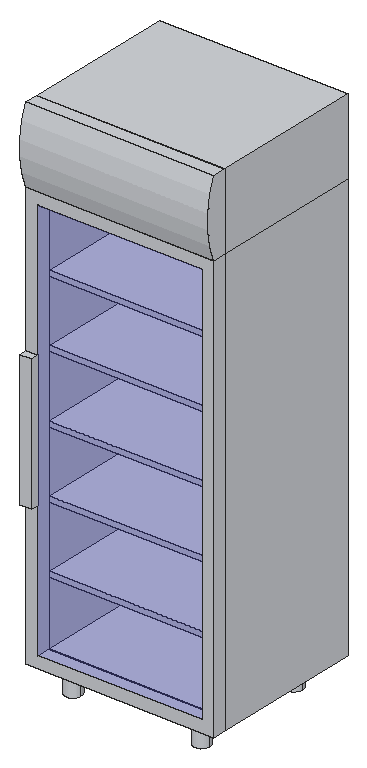
Revit family "Холодильные шкафы со стеклянными дверьми POLAIR Standard", category Оборудование, Revit 2020
Family settings
  Размер круглого соединителя = Использовать диаметр
  Классификация = Нет
  Тип детали = Нормальный
  На основе рабочей плоскости = Нет
  Всегда вертикально = Да
  При загрузке вырезать с полостями = Нет
  Общий = Нет
  Точка расчета площади = Нет
Parameters (values of type "DM105-S")
  Шкаф малый DP = no
  Шкаф малый 2 = no
  Ширина 2 = 600 mm
  Ширина = 697 mm
  Цена, руб. = "40 352"
  Холодильный шкаф = none
  Хладагент = "R134a"
  Условия окр. среды (темп./вл-сть,%) = "до +32/до 60"
  Тип охлаждения = "динамический"
  Тип оттайки = "автомат. с системой исп. конденсата"
  Терморегулятор = "эл.  блок"
  Система электропитания В/Гц = "230/50"
  Ручка 2.0 = no
  Ручка = yes
  Расход электроэнергии за сутки, кВт/ч = "4"
  Расположение агрегата = "верхнее"
  Размеры в упаковке, мм = "790х744х2125"
  Размер полки, мм = "595*455"
  Потребляемая мощность, Вт, не более = "350"
  Подсветка = "LED, вертикальная"
  Отметка по умолчанию = 0 mm
  Объем, л. = "500"
  Корпус = yes
  Кол-во полок = "4"
  Клапан Шредера = "+"
  Канапе с подсветкой = "LED"
  Замок = "опция"
  Допустимая нагрузка на полку, кг = "40"
  Диап. рабочих температур = "+1....+10"
  Дверь раздв. = no
  Глубина = 710 mm
  Габаритные размеры, мм = "697х710х1960"
  Высота = 1960 mm
  Вес нетто, кг = "105"
  Вес брутто, кг = "124"
  2 дверь S = no
  2 Корпус = no
  1 дверь S = yes
Types (18, lengths in mm): name | Шкаф малый DP | Шкаф малый 2 | Ширина 2 | Ширина | Цена, руб. | Хладагент | Условия окр. среды (темп./вл-сть,%) | Тип оттайки | Ручка 2.0 | Ручка | Расход электроэнергии за сутки, кВт/ч | Расположение агрегата | Размеры в упаковке, мм | Размер полки, мм | Потребляемая мощность, Вт, не более | Подсветка | Объем, л. | Корпус | Кол-во полок | Клапан Шредера | Канапе с подсветкой | Замок | Допустимая нагрузка на полку, кг | Диап. рабочих температур | Дверь раздв. | Глубина | Габаритные размеры, мм | Высота | Вес нетто, кг | Вес брутто, кг | 2 дверь S | 2 Корпус | 1 дверь S
  (no name) | no | no | 600 | 697 | "40 352" | "R134a" | "до +32/до 60" | "автомат. с системой исп. конденсата" | no | yes | "4" | "верхнее" | "790х744х2125" | "595*455" | "350" | "LED, вертикальная" | "500" | yes | "4" | "+" | "LED" | "опция" | "40" | "+1....+10" | no | 710 | "697х710х1960" | 1960 | "105" | "124" | no | no | yes
  DB105-S | no | no | 600 | 697 | "67 670" | "R404A" | "до +25/до 60" | "автомат. ТЭНами с системой исп. конденсата" | no | yes | "12,5" | "верхнее" | "744х790х2125" | "595*455" | "0,55 раб./0,40 отт." | "вертикальная" | "500" | yes | "4" | "" | "+" | "+" | "40" | "-21....-18" | no | 710 | "697х710х1960" | 1960 | "132" | "113" | no | no | yes
  DM110-S | no | no | 402 | 1402 | "64 708" | "R134a" | "до +32/до 60" | "автомат. с системой исп. конденсата" | no | yes | "7" | "верхнее" | "1490х744х2125" | "595*455" | "550" | "LED, вертикальная" | "1000" | yes | "8" | "+" | "LED" | "" | "40" | "+1....+10" | no | 710 | "1402х710х1960" | 1960 | "176" | "206" | yes | yes | yes
  DM110Sd-S | no | no | 402 | 1402 | "64 708" | "R134a" | "до +32/до 60" | "автомат. с системой исп. конденсата" | no | no | "7" | "верхнее" | "1490х744х2125" | "595*455" | "550" | "LED, вертикальная" | "1000" | yes | "8" | "+" | "LED" | "" | "40" | "+1....+10" | yes | 710 | "1402х710х1960" | 1960 | "176" | "206" | no | yes | no
  DP102-S | yes | no | 600 | 600 | "35 558" | "R404A" | "до +32/до 60" | "автомат., при помощи ТЭНов, с системой исп. конденсата" | no | no | "" | "нижнее" | "720х660х110" | "505*455" | "240" | "LED" | "150" | no | "2" | "+" | "" | "механический" | "" | "-8....0" | no | 625 | "600х625х890" | 890 | "58" | "65" | no | no | no
  DB102-S | no | yes | 600 | 600 | "47 770" | "R404A" | "до +25/до 60" | "автомат., при помощи ТЭНов, с системой исп. конденсата" | no | no | "" | "" | "725х795х1055" | "505*455" | "400" | "LED верхняя" | "130" | no | "2+ базовая" | "+" | "" | "+" | "40" | "-21....-18" | no | 675 | "600х675х870" | 870 | "65" | "80" | no | no | no
  DB107-S | no | no | 600 | 697 | "48 638" | "R404A" | "до +32/до 60" | "автомат. с системой исп. конденсата" | no | yes | "5,5" | "верхнее" | "790х988х2125" | "530*650" | "400" | "LED, вертикальная" | "700" | yes | "4" | "+" | "LED" | "опция" | "40" | "+1....+10" | no | 945 | "697х945х1960" | 1960 | "122" | "146" | no | no | yes
  DM105-S версия 2.0 | no | no | 600 | 697 | "44 900" | "R134a" | "до +25/до 60" | "автомат. с системой исп. конденсата" | yes | no | "2.7" | "верхнее" | "790х744х2125" | "595*455" | "350" | "LED, вертикальная" | "500" | yes | "5" | "+" | "" | "опция" | "50" | "+1....+10" | no | 710 | "697х710х1960" | 1960 | "105" | "124" | no | no | yes
  DM105-S | no | no | 600 | 697 | "40 352" | "R134a" | "до +32/до 60" | "автомат. с системой исп. конденсата" | no | yes | "4" | "верхнее" | "790х744х2125" | "595*455" | "350" | "LED, вертикальная" | "500" | yes | "4" | "+" | "LED" | "опция" | "40" | "+1....+10" | no | 710 | "697х710х1960" | 1960 | "105" | "124" | no | no | yes
  DM107-S | no | no | 600 | 697 | "48 638" | "R134a" | "до +32/до 60" | "автомат. с системой исп. конденсата" | no | yes | "5.5" | "верхнее" | "790х988х2125" | "530*650" | "400" | "LED, вертикальная" | "700" | yes | "4" | "+" | "LED" | "опция" | "40" | "+1....+10" | no | 945 | "697х945х1960" | 1960 | "122" | "146" | no | no | yes
  DM107-S версия 2.0 | no | no | 600 | 697 | "52 500" | "R134a" | "до +32/до 60" | "автомат. с системой исп. конденсата" | yes | no | "3" | "верхнее" | "790х988х2125" | "530*650" | "400" | "LED, вертикальная" | "700" | yes | "4" | "+" | "LED" | "опция" | "40" | "+1....+10" | no | 945 | "697х945х1960" | 1960 | "122" | "146" | no | no | yes
  DM114-S | no | no | 402 | 1402 | "71 062" | "R134a" | "до +32/до 60" | "автомат. с системой исп. конденсата" | no | yes | "8" | "верхнее" | "1490х988х2125" | "595*455" | "600" | "LED, вертикальная" | "1400" | yes | "8" | "+" | "LED" | "" | "40" | "+1....+10" | no | 945 | "1402х945х1960" | 1960 | "205" | "235" | yes | yes | yes
  DM110Sd-S Версия 2.0 | no | no | 402 | 1402 | "72 270" | "R134a" | "до +32/до 60" | "автомат. с системой исп. конденсата" | no | no | "7" | "верхнее" | "1490х744х2125" | "645*455" | "550" | "LED, вертикальная" | "1000" | yes | "10" | "+" | "LED" | "" | "40" | "+1....+10" | yes | 710 | "1402х710х1960" | 1960 | "176" | "206" | no | yes | no
  DM114Sd-S | no | no | 402 | 1402 | "71 062" | "R134a" | "до +32/до 60" | "автомат. с системой исп. конденсата" | no | no | "8" | "верхнее" | "1490х988х2125" | "595*455" | "600" | "LED, вертикальная" | "1400" | yes | "4" | "+" | "LED" | "" | "40" | "+1....+10" | yes | 945 | "1402х945х1960" | 1960 | "205" | "235" | no | yes | no
  DM114Sd-S Версия 2.0 | no | no | 402 | 1402 | "78 287" | "R134a" | "до +32/до 60" | "автомат. с системой исп. конденсата" | no | no | "8" | "верхнее" | "1490х988х2125" | "595*455" | "600" | "LED, вертикальная" | "1400" | yes | "10" | "+" | "LED" | "" | "40" | "+1....+10" | yes | 945 | "1402х945х1960" | 1960 | "205" | "235" | no | yes | no
  DP105-S | no | no | 600 | 697 | "52 520" | "R404A" | "до +32/до 60" | "автомат., при помощит ТЭНов, с системой исп. конденсата" | no | yes | "10" | "верхнее" | "790х744х2125" | "595*455" | "550" | "LED, вертикальная" | "500" | yes | "4" | "+" | "LED" | "+" | "40" | "-8....0" | no | 710 | "697х710х1960" | 1960 | "105" | "124" | no | no | yes
  DP107-S | no | no | 600 | 697 | "56 600" | "R404A" | "до +32/до 60" | "автомат., при помощит ТЭНов, с системой исп. конденсата" | no | yes | "10" | "верхнее" | "790х988х2125" | "595*455" | "550" | "LED, вертикальная" | "700" | yes | "4" | "+" | "LED" | "+" | "40" | "-8....0" | no | 945 | "697х945х1960" | 1960 | "123" | "148" | no | no | yes
  DV110-S | no | no | 402 | 1402 | "72 000" | "R134a" | "до +32/до 60" | "автомат., при помощи ТЭНов, с системой исп. конденсата" | no | yes | "7" | "верхнее" | "1490х744х2125" | "595*455" | "550" | "LED, вертикальная" | "1000" | yes | "8" | "+" | "LED" | "" | "40" | "-5....+5" | no | 710 | "1402х710х1960" | 1960 | "176" | "206" | yes | yes | yes
Reference planes
  plane 1 "По центру (Вперед/Назад)": y = 0
  plane 2: z = 0
  plane 3 "По центру (Влево/Вправо)": x = 0
  plane 4: x = -348.5
  plane 5: x = 348.5
  plane 6: y = -710
  plane 7: y = -90
  plane 8: y = -659
  plane 9: x = -305.5
  plane 10: x = 305.5
  plane 11: y = -133
  plane 12: z = 1960
  plane 13: z = 1678
  plane 14: z = 92
  plane 15: z = 1635
  plane 16: z = 135
  plane 17: z = 1385
  plane 18: z = 885
  plane 19: z = 1135
  plane 20: z = 635
  plane 21: z = 385
  plane 22: y = -740
  plane 23: x = -348.5
  plane 24: x = -305.5
  plane 25: z = 635
  plane 26: z = 1135
  plane 27: z = 878
  plane 28: x = 201
  plane 29: x = -238.5
  plane 30: y = -630
  plane 31: y = -200
  plane 32: x = 238.5
  plane 33: x = 305.5
  plane 34: x = 348.5
  plane 35: x = -661.966
  plane 36: x = -4
  plane 37: x = -148.5
  plane 38: x = 1053.5
  plane 39: x = -399.5
  plane 40: x = -1010.5
  plane 41: x = -300
  plane 42: x = 300
  plane 43: x = -257
  plane 44: x = 257
  plane 45: z = 1905.5
  plane 46: z = 44.5
  plane 47: z = 1285.167
  plane 48: z = 664.833
  plane 49: z = 92
  plane 50: z = 1862.5
  plane 51: z = 1020.5
  plane 52: z = 15.5
  plane 53: y = -45
  plane 54: z = 135.5
  plane 55: z = 178.5
  plane 56: x = -1053.5
  plane 57: x = -993.5
  plane 58: x = -372.5
  plane 59: x = -332.5
  plane 60: x = 288.5
  plane 61: x = 348.5
Forms (mm)
  Extrusion 1, solid, material <- "Холодильный шкаф", visible <- "Корпус"
    sketch origin (0, 0, 0) x (1, 0, 0) y (0, 0, 1)
      loop
        line (-348.5, 1678) -> (-348.5, 92) -> (348.5, 92) -> (348.5, 1678) -> (-348.5, 1678)
    from 90 to 659
  Extrusion 2, void
    sketch origin (0, 0, 0) x (1, 0, 0) y (0, 0, 1)
      loop
        line (-305.5, 1635) -> (-305.5, 135) -> (305.5, 135) -> (305.5, 1635) -> (-305.5, 1635)
    from 133 to 659
  Extrusion 3, solid, visible <- "1 дверь S"
    sketch origin (0, 0, 0) x (1, 0, 0) y (0, 0, 1)
      loop
        line (-348.5, 1678) -> (-348.5, 92) -> (348.5, 92) -> (348.5, 1678) -> (-348.5, 1678)
      loop
        line (-305.5, 1635) -> (-305.5, 135) -> (305.5, 135) -> (305.5, 1635) -> (-305.5, 1635)
    from 659 to 710
  Extrusion 4, solid, material "Стекло", visible <- "1 дверь S"
    sketch origin (0, 0, 0) x (1, 0, 0) y (0, 0, 1)
      loop
        line (-305.5, 1635) -> (-305.5, 135) -> (305.5, 135) -> (305.5, 1635) -> (-305.5, 1635)
    from 659 to 710
  Extrusion 5, solid, visible <- "Ручка"
    sketch origin (0, 0, 0) x (1, 0, 0) y (0, 1, 0)
      loop
        line (-305.5, -710) -> (-348.5, -710) -> (-348.5, -740) -> (-305.5, -740) -> (-305.5, -710)
    from 635 to 1135
  Extrusion 6, solid, visible <- "Корпус", detail levels medium+fine
    sketch origin (0, 0, 0) x (1, 0, 0) y (0, 0, 1)
      loop
        line (-305.5, 395) -> (-305.5, 375) -> (305.5, 375) -> (305.5, 395) -> (-305.5, 395)
    from 133 to 659
  Extrusion 7, solid, visible <- "Корпус", detail levels medium+fine
    sketch origin (0, 0, 0) x (1, 0, 0) y (0, 0, 1)
      loop
        line (-305.5, 645) -> (-305.5, 625) -> (305.5, 625) -> (305.5, 645) -> (-305.5, 645)
    from 133 to 659
  Extrusion 8, solid, visible <- "Корпус", detail levels medium+fine
    sketch origin (0, 0, 0) x (1, 0, 0) y (0, 0, 1)
      loop
        line (-305.5, 895) -> (-305.5, 875) -> (305.5, 875) -> (305.5, 895) -> (-305.5, 895)
    from 133 to 659
  Extrusion 9, solid, visible <- "Корпус", detail levels medium+fine
    sketch origin (0, 0, 0) x (1, 0, 0) y (0, 0, 1)
      loop
        line (-305.5, 1145) -> (-305.5, 1125) -> (305.5, 1125) -> (305.5, 1145) -> (-305.5, 1145)
    from 133 to 659
  Extrusion 10, solid, visible <- "Корпус", detail levels medium+fine
    sketch origin (0, 0, 0) x (1, 0, 0) y (0, 0, 1)
      loop
        line (-305.5, 1395) -> (-305.5, 1375) -> (305.5, 1375) -> (305.5, 1395) -> (-305.5, 1395)
    from 133 to 659
  Extrusion 11, solid, material <- "Холодильный шкаф", visible <- "Корпус"
    sketch origin (0, 0, 0) x (1, 0, 0) y (0, 0, 1)
      loop
        line (-348.5, 1960) -> (-348.5, 1678) -> (348.5, 1678) -> (348.5, 1960) -> (-348.5, 1960)
    from 90 to 659
  Extrusion 12, solid, visible <- "Корпус"
    sketch origin (0, 0, 0) x (0, 1, 0) y (0, 0, 1)
      loop
        arc (-710, 1960) -> (-741.071, 1819) -> (-710, 1678) r 335.463
        line (-710, 1678) -> (-659, 1678) -> (-659, 1960) -> (-710, 1960)
    from -348.5 to 348.5
  Extrusion 13, solid, visible <- "Корпус"
    sketch origin (-480, 0, 0) x (1, 0, 0) y (0, 1, 0)
      loop
        line (331.5, 0) -> (331.5, -90) -> (731.5, -90) -> (731.5, 0) -> (331.5, 0)
    from 878 to 1678
  Extrusion 14, solid
    sketch origin (0, 0, 0) x (1, 0, 0) y (0, 1, 0)
      loop
        circle (-238.5, -200) r 30
    from 0 to 92
  Extrusion 15, solid
    sketch origin (0, 0, 0) x (1, 0, 0) y (0, 1, 0)
      loop
        circle (-238.5, -630) r 30
    from 0 to 92
  Extrusion 16, solid
    sketch origin (0, 0, 0) x (1, 0, 0) y (0, 1, 0)
      loop
        circle (238.5, -200) r 30
    from 0 to 92
  Extrusion 17, solid
    sketch origin (0, 0, 0) x (1, 0, 0) y (0, 1, 0)
      loop
        circle (238.5, -630) r 30
    from 0 to 92
  Extrusion 18, solid, material <- "Холодильный шкаф", visible <- "2 Корпус"
    sketch origin (1066.519, 0, 21.8) x (1, 0, 0) y (0, 0, 1)
      loop
        line (-2120.019, 1656.2) -> (-2120.019, 70.2) -> (-1415.019, 70.2) -> (-1415.019, 1656.2) -> (-2120.019, 1656.2)
    from 90 to 659
  Extrusion 19, void
    sketch origin (1066.519, 0, 21.8) x (1, 0, 0) y (0, 0, 1)
      loop
        line (-2077.019, 1613.2) -> (-2077.019, 113.2) -> (-1466.019, 113.2) -> (-1466.019, 1613.2) -> (-2077.019, 1613.2)
    from 133 to 659
  Extrusion 20, solid, visible <- "2 Корпус", detail levels medium+fine
    sketch origin (0, 0, 0) x (1, 0, 0) y (0, 0, 1)
      loop
        line (-305.5, 1145) -> (-305.5, 1125) -> (305.5, 1125) -> (305.5, 1145) -> (-305.5, 1145)
    from 133 to 659
  Extrusion 21, solid, visible <- "2 Корпус", detail levels medium+fine
    sketch origin (0, 0, 0) x (1, 0, 0) y (0, 0, 1)
      loop
        line (-305.5, 395) -> (-305.5, 375) -> (305.5, 375) -> (305.5, 395) -> (-305.5, 395)
    from 133 to 659
  Extrusion 22, solid, visible <- "2 Корпус", detail levels medium+fine
    sketch origin (0, 0, 0) x (1, 0, 0) y (0, 0, 1)
      loop
        line (-305.5, 645) -> (-305.5, 625) -> (305.5, 625) -> (305.5, 645) -> (-305.5, 645)
    from 133 to 659
  Extrusion 23, solid, visible <- "2 Корпус", detail levels medium+fine
    sketch origin (0, 0, 0) x (1, 0, 0) y (0, 0, 1)
      loop
        line (-305.5, 895) -> (-305.5, 875) -> (305.5, 875) -> (305.5, 895) -> (-305.5, 895)
    from 133 to 659
  Extrusion 24, solid, visible <- "2 Корпус", detail levels medium+fine
    sketch origin (0, 0, 0) x (1, 0, 0) y (0, 0, 1)
      loop
        line (-305.5, 1395) -> (-305.5, 1375) -> (305.5, 1375) -> (305.5, 1395) -> (-305.5, 1395)
    from 133 to 659
  Extrusion 25, solid, visible <- "2 дверь S"
    sketch origin (0, 0, 0) x (1, 0, 0) y (0, 0, 1)
      loop
        line (-1053.5, 1678) -> (-1053.5, 92) -> (348.5, 92) -> (348.5, 1678) -> (-1053.5, 1678)
      loop
        line (-1010.5, 1635) -> (-1010.5, 135) -> (305.5, 135) -> (305.5, 1635) -> (-1010.5, 1635)
    from 659 to 710
  Extrusion 26, solid, material "Стекло", visible <- "2 дверь S"
    sketch origin (0, 0, 0) x (1, 0, 0) y (0, 0, 1)
      loop
        line (-1010.5, 1635) -> (-1010.5, 135) -> (305.5, 135) -> (305.5, 1635) -> (-1010.5, 1635)
    from 659 to 710
  Extrusion 27, solid, visible <- "2 дверь S"
    sketch origin (0, 0, -32.039) x (1, 0, 0) y (0, 0, 1)
      loop
        line (305.5, 1167.039) -> (305.5, 667.039) -> (348.5, 667.039) -> (348.5, 1167.039) -> (305.5, 1167.039)
    from 710 to 740
  Extrusion 28, solid, visible <- "Ручка 2.0"
    sketch origin (0, 0, 0) x (1, 0, 0) y (0, 0, 1)
      loop
        line (-348.5, 1010.901) -> (-348.5, 759.099) -> (-318.5, 759.099) -> (-318.5, 1010.901) -> (-348.5, 1010.901)
    from 710 to 740
  Extrusion 29, solid, material "Стекло", visible <- "Дверь раздв."
    sketch origin (0, 0, 0) x (1, 0, 0) y (0, 0, 1)
      loop
        line (-993.5, 1618) -> (-993.5, 152) -> (-372.5, 152) -> (-372.5, 1618) -> (-993.5, 1618)
    from 659 to 710
  Extrusion 30, solid, material "Стекло", visible <- "Дверь раздв."
    sketch origin (0, 0, 0) x (1, 0, 0) y (0, 0, 1)
      loop
        line (-332.5, 1618) -> (-332.5, 152) -> (288.5, 152) -> (288.5, 1618) -> (-332.5, 1618)
    from 659 to 710
  Extrusion 31, solid, visible <- "Дверь раздв."
    sketch origin (0, 0, 0) x (1, 0, 0) y (0, 0, 1)
      loop
        line (-993.5, 1035) -> (-993.5, 735) -> (-943.5, 735) -> (-943.5, 1035) -> (-993.5, 1035)
    from 659 to 714.218
  Extrusion 32, solid, visible <- "Дверь раздв."
    sketch origin (0, 0, 0) x (1, 0, 0) y (0, 0, 1)
      loop
        line (238.5, 1035) -> (238.5, 735) -> (288.5, 735) -> (288.5, 1035) -> (238.5, 1035)
    from 659 to 714.218
  Extrusion 33, solid, visible <- "Шкаф малый DP"
    sketch origin (0, 0, 0) x (1, 0, 0) y (0, 0, 1)
      loop
        line (-300, 1905.5) -> (300, 1905.5) -> (300, 1960) -> (-300, 1960) -> (-300, 1905.5)
    from 0 to 710
  Extrusion 34, solid, material <- "Холодильный шкаф", visible <- "Шкаф малый DP"
    sketch origin (0, 0, 0) x (1, 0, 0) y (0, 0, 1)
      loop
        line (-300, 44.5) -> (300, 44.5) -> (300, 1905.5) -> (-300, 1905.5) -> (-300, 44.5)
    from 0 to 659
  Extrusion 35, solid, visible <- "Шкаф малый DP", detail levels medium+fine
    sketch origin (0, 0, 0) x (1, 0, 0) y (0, 0, 1)
      loop
        line (-257, 674.833) -> (-257, 654.833) -> (257, 654.833) -> (257, 674.833) -> (-257, 674.833)
    from 90 to 659
  Extrusion 36, solid, visible <- "Шкаф малый DP", detail levels medium+fine
    sketch origin (0, 0, 0) x (1, 0, 0) y (0, 0, 1)
      loop
        line (-257, 1295.167) -> (-257, 1275.167) -> (257, 1275.167) -> (257, 1295.167) -> (-257, 1295.167)
    from 133 to 659
  Extrusion 37, solid, visible <- "Шкаф малый DP"
    sketch origin (0, 0, 0) x (1, 0, 0) y (0, 0, 1)
      loop
        line (-300, 1905.5) -> (-300, 44.5) -> (300, 44.5) -> (300, 1905.5) -> (-300, 1905.5)
      loop
        line (-257, 1862.5) -> (-257, 92) -> (257, 92) -> (257, 1862.5) -> (-257, 1862.5)
    from 659 to 710
  Extrusion 38, solid, material "Стекло", visible <- "Шкаф малый DP"
    sketch origin (0, 0, 0) x (1, 0, 0) y (0, 0, 1)
      loop
        line (-257, 1862.5) -> (-257, 92) -> (257, 92) -> (257, 1862.5) -> (-257, 1862.5)
    from 659 to 710
  Extrusion 39, solid, visible <- "Шкаф малый 2"
    sketch origin (0, 0, 0) x (1, 0, 0) y (0, 0, 1)
      loop
        line (-300, 1905.5) -> (-300, 135.5) -> (300, 135.5) -> (300, 1905.5) -> (-300, 1905.5)
    from 45 to 659
  Extrusion 40, solid, visible <- "Шкаф малый 2"
    sketch origin (0, 0, 0) x (1, 0, 0) y (0, 0, 1)
      loop
        line (-300, 1960) -> (-300, 1905.5) -> (300, 1905.5) -> (300, 1960) -> (-300, 1960)
    from 45 to 710
  Extrusion 41, solid, material <- "Холодильный шкаф", visible <- "Шкаф малый 2"
    sketch origin (0, 0, 0) x (1, 0, 0) y (0, 0, 1)
      loop
        line (-300, 135.5) -> (-300, 15.5) -> (300, 15.5) -> (300, 135.5) -> (-300, 135.5)
    from 45 to 659
  Extrusion 42, solid, visible <- "Шкаф малый 2"
    sketch origin (0, 0, 0) x (1, 0, 0) y (0, 0, 1)
      loop
        line (-300, 1905.5) -> (-300, 135.5) -> (300, 135.5) -> (300, 1905.5) -> (-300, 1905.5)
      loop
        line (-257, 1862.5) -> (-257, 178.5) -> (257, 178.5) -> (257, 1862.5) -> (-257, 1862.5)
    from 659 to 710
  Extrusion 43, solid, material "Стекло", visible <- "Шкаф малый 2"
    sketch origin (0, 0, 0) x (1, 0, 0) y (0, 0, 1)
      loop
        line (-257, 1862.5) -> (-257, 178.5) -> (257, 178.5) -> (257, 1862.5) -> (-257, 1862.5)
    from 659 to 710
  Extrusion 44, solid, visible <- "Шкаф малый 2", detail levels medium+fine
    sketch origin (0, 0, 0) x (1, 0, 0) y (0, 0, 1)
      loop
        line (-257, 1030.5) -> (-257, 1010.5) -> (257, 1010.5) -> (257, 1030.5) -> (-257, 1030.5)
    from 90 to 659
  Extrusion 45, solid, visible <- "Шкаф малый 2"
    sketch origin (0, 0, 0) x (1, 0, 0) y (0, 0, 1)
      loop
        line (-257, 1605.5) -> (257, 1605.5) -> (257, 1905.5) -> (-257, 1905.5) -> (-257, 1605.5)
    from 0 to 45
  Extrusion 46, solid, visible <- "Шкаф малый 2", detail levels medium+fine
    sketch origin (0, 0, 0) x (1, 0, 0) y (0, 0, 1)
      loop
        line (152.091, 1940) -> (152.091, 1913.903) -> (257, 1913.903) -> (257, 1940) -> (152.091, 1940)
    from 710 to 714.218
  Extrusion 47, solid, visible <- "Шкаф малый DP", detail levels medium+fine
    sketch origin (-2.091, 0, 0) x (1, 0, 0) y (0, 0, 1)
      loop
        line (154.182, 1940) -> (154.182, 1913.903) -> (259.091, 1913.903) -> (259.091, 1940) -> (154.182, 1940)
    from 710 to 714.218
  Extrusion 48, solid, visible <- "Шкаф малый 2"
    sketch origin (0, 0, 0) x (1, 0, 0) y (0, 0, 1)
      loop
        line (-300, 135) -> (-300, 15.5) -> (300, 15.5) -> (300, 135) -> (-300, 135)
    from 659 to 710
  Extrusion 49, solid, visible <- "Дверь раздв."
    sketch origin (0, 0, 0) x (1, 0, 0) y (0, 0, 1)
      loop
        line (-1053.5, 1678) -> (-1053.5, 92) -> (348.5, 92) -> (348.5, 1678) -> (-1053.5, 1678)
      loop
        line (-993.5, 1618) -> (-993.5, 152) -> (-372.5, 152) -> (-372.5, 1618) -> (-993.5, 1618)
      loop
        line (-332.5, 1618) -> (-332.5, 152) -> (288.5, 152) -> (288.5, 1618) -> (-332.5, 1618)
    from 659 to 710
Cuts and joins
  Extrusion 2, Extrusion 19 cuts Extrusion 1
  Extrusion 19 cuts Extrusion 4
  Extrusion 19 cuts Extrusion 6
  Extrusion 19 cuts Extrusion 7
  Extrusion 19 cuts Extrusion 8
  Extrusion 19 cuts Extrusion 9
  Extrusion 19 cuts Extrusion 10
  Extrusion 19 cuts Extrusion 18
Dimensions and locks
  equal spacing: plane 4, plane 3 "По центру (Влево/Вправо)", plane 5
  "Ширина": plane 4 to plane 5
  "Глубина": plane 6 to plane 1 "По центру (Вперед/Назад)"
  locked: plane 1 "По центру (Вперед/Назад)" to plane 7 at 90
  plane 7 to plane 8 = 569 mm
  locked: plane 8 to plane 6 at 51
  locked: plane 7 to plane 11 at 43
  locked: plane 4 to plane 9 at 43
  locked: plane 10 to plane 5 at 43
  "Высота": plane 12 to plane 2
  locked: plane 12 to plane 13 at 282
  plane 13 to plane 14 = 1586 mm
  locked: plane 14 to plane 2 at 92
  locked: plane 13 to plane 15 at 43
  locked: plane 16 to plane 14 at 43
  equal spacing: plane 15, plane 17, plane 19, plane 18, plane 20, plane 21, plane 16
  locked: plane 6 to plane 22 at 30
  plane 3 "По центру (Влево/Вправо)" to Extrusion 5 = 305.5 mm
  locked: plane 5 to plane 23 at 697
  locked: plane 24 to plane 23 at 43
  equal spacing: Extrusion 6 sketch curve, plane 21, Extrusion 6 sketch curve, locked at 10 each
  equal spacing: Extrusion 7 sketch curve, plane 20, Extrusion 7 sketch curve, locked at 10 each
  equal spacing: Extrusion 8 sketch curve, plane 18, Extrusion 8 sketch curve, locked at 10 each
  equal spacing: Extrusion 9 sketch curve, plane 19, Extrusion 9 sketch curve, locked at 10 each
  equal spacing: Extrusion 10 sketch curve, plane 17, Extrusion 10 sketch curve, locked at 10 each
  locked: Extrusion 11 to Extrusion 12 sketch curve at 82.071
  plane 26 to plane 18 to plane 25 = 250 mm locked, 250 mm locked
  locked: plane 13 to plane 27 at 800
  locked: plane 32 to plane 5 at 110
  locked: plane 4 to plane 29 at 110
  locked: plane 7 to plane 31 at 110
  locked: plane 30 to plane 22 at 110
  equal spacing: Extrusion 20 sketch curve, plane 19, Extrusion 20 sketch curve, locked at 10 each
  equal spacing: Extrusion 21 sketch curve, plane 21, Extrusion 21 sketch curve, locked at 10 each
  equal spacing: Extrusion 22 sketch curve, plane 20, Extrusion 22 sketch curve, locked at 10 each
  equal spacing: Extrusion 23 sketch curve, plane 18, Extrusion 23 sketch curve, locked at 10 each
  equal spacing: Extrusion 24 sketch curve, plane 17, Extrusion 24 sketch curve, locked at 10 each
  locked: plane 34 to plane 4 at 697
  locked: plane 34 to plane 33 at 43
  locked: Extrusion 27 sketch curve to Extrusion 26 at 43
  Extrusion 27 to plane 18 to Extrusion 27 = 250 mm locked, 250 mm locked
  locked: Extrusion 28 sketch curve to plane 23 at 30
  equal spacing: Extrusion 28 sketch curve, plane 18, Extrusion 28 sketch curve
  plane 4 to plane 37 = 200 mm
  locked: plane 37 to Extrusion 13 sketch curve at 400
  plane 38 to plane 4 = 1402 mm
  equal spacing: Extrusion 31 sketch curve, plane 18, Extrusion 31 sketch curve
  locked: Extrusion 29 to Extrusion 31 sketch curve at 50
  locked: plane 8 to Extrusion 31 at 55.218
  equal spacing: Extrusion 32 sketch curve, plane 18, Extrusion 32 sketch curve
  locked: Extrusion 30 to Extrusion 32 sketch curve at 50
  Extrusion 29 sketch curve to Extrusion 29 sketch curve = 621 mm
  locked: plane 39 to plane 40 at 611
  locked: plane 5 to plane 39 at 748
  equal spacing: plane 41, plane 3 "По центру (Влево/Вправо)", plane 42
  "Ширина 2": plane 41 to plane 42
  locked: plane 41 to plane 43 at 43
  locked: plane 44 to plane 42 at 43
  locked: plane 46 to plane 2 at 44.5
  equal spacing: Extrusion 35 sketch curve, plane 48, Extrusion 35 sketch curve, locked at 10 each
  equal spacing: Extrusion 36 sketch curve, plane 47, Extrusion 36 sketch curve, locked at 10 each
  locked: plane 12 to plane 45 at 54.5
  locked: plane 45 to plane 50 at 43
  equal spacing: plane 45, plane 47, plane 48, plane 46
  locked: plane 52 to plane 2 at 15.5
  locked: plane 53 to plane 1 "По центру (Вперед/Назад)" at 45
  locked: plane 54 to plane 52 at 120
  locked: plane 55 to plane 54 at 43
  equal spacing: plane 45, plane 51, plane 54
  equal spacing: Extrusion 44 sketch curve, plane 51, Extrusion 44 sketch curve, locked at 10 each
  locked: Extrusion 45 sketch curve to Extrusion 45 sketch curve at 300
  locked: plane 12 to Extrusion 46 sketch curve at 20
  locked: Extrusion 46 sketch curve to Extrusion 46 sketch curve at 26.097
  locked: Extrusion 46 to plane 6 at 4.218
  locked: Extrusion 47 sketch curve to Extrusion 47 sketch curve at 26.097
  locked: Extrusion 46 to Extrusion 46 at 104.909
  locked: plane 12 to Extrusion 46 at 20
  locked: plane 13 to Extrusion 30 at 60
  locked: plane 13 to Extrusion 29 at 60
  locked: Extrusion 29 to plane 14 at 60
  locked: Extrusion 30 to plane 14 at 60
  locked: plane 61 to plane 60 at 60
  locked: plane 60 to plane 59 at 621
  locked: plane 59 to plane 58 at 40
  locked: plane 58 to plane 57 at 621
  locked: plane 57 to plane 56 at 60
  locked: Extrusion 47 to Extrusion 47 at 4.218
  aligned and locked: level to plane 2
  aligned and locked: plane 14 to Extrusion 1 sketch curve
  aligned and locked: Extrusion 1 sketch curve to plane 13
  aligned and locked: Extrusion 1 sketch curve to plane 5
  aligned and locked: plane 7 to Extrusion 1
  aligned and locked: Extrusion 1 to plane 8
  aligned and locked: Extrusion 2 sketch curve to plane 15
  aligned and locked: plane 16 to Extrusion 2 sketch curve
  aligned and locked: Extrusion 2 sketch curve to plane 10
  aligned and locked: plane 11 to Extrusion 2
  aligned and locked: Extrusion 2 to plane 8
  aligned and locked: Extrusion 3 sketch curve to cut or joined group of Extrusion 1, Extrusion 2, Extrusion 19  (x3)
  aligned and locked: Extrusion 3 to plane 6
  aligned and locked: plane 8 to Extrusion 3
  aligned and locked: Extrusion 3 sketch curve to plane 15
  aligned and locked: Extrusion 3 sketch curve to plane 10
  aligned and locked: plane 16 to Extrusion 3 sketch curve
  aligned and locked: Extrusion 4 sketch curve to plane 15
  aligned and locked: plane 16 to Extrusion 4 sketch curve
  aligned and locked: Extrusion 4 sketch curve to plane 10
  aligned and locked: Extrusion 4 to plane 6
  aligned and locked: Extrusion 3 to Extrusion 5 sketch curve
  aligned and locked: plane 22 to Extrusion 5 sketch curve
  aligned and locked: plane 24 to Extrusion 4 sketch curve
  aligned and locked: plane 24 to Extrusion 3 sketch curve
  aligned and locked: plane 23 to Extrusion 3 sketch curve
  aligned and locked: plane 24 to Extrusion 5 sketch curve
  aligned and locked: Extrusion 5 sketch curve to plane 23
  aligned and locked: plane 8 to Extrusion 4
  aligned and locked: Extrusion 6 to plane 8
  aligned and locked: plane 11 to Extrusion 6
  aligned and locked: Extrusion 6 sketch curve to plane 10
  aligned and locked: plane 24 to Extrusion 6 sketch curve
  aligned and locked: plane 24 to Extrusion 2 sketch curve
  aligned and locked: plane 23 to Extrusion 1 sketch curve
  aligned and locked: plane 24 to Extrusion 7 sketch curve
  aligned and locked: Extrusion 7 sketch curve to plane 10
  aligned and locked: Extrusion 7 to plane 8
  aligned and locked: plane 11 to Extrusion 7
  aligned and locked: plane 24 to Extrusion 8 sketch curve
  aligned and locked: Extrusion 8 sketch curve to plane 10
  aligned and locked: Extrusion 8 to plane 8
  aligned and locked: plane 11 to Extrusion 8
  aligned and locked: plane 24 to Extrusion 9 sketch curve
  aligned and locked: Extrusion 9 sketch curve to plane 10
  aligned and locked: Extrusion 9 to plane 8
  aligned and locked: plane 11 to Extrusion 9
  aligned and locked: plane 24 to Extrusion 10 sketch curve
  aligned and locked: Extrusion 10 sketch curve to plane 10
  aligned and locked: Extrusion 10 to plane 8
  aligned and locked: plane 11 to Extrusion 10
  aligned and locked: Extrusion 11 sketch curve to plane 12
  aligned and locked: Extrusion 11 sketch curve to cut or joined group of Extrusion 1, Extrusion 2, Extrusion 19  (x2)
  aligned and locked: Extrusion 11 to plane 8
  aligned and locked: plane 7 to Extrusion 11
  aligned and locked: Extrusion 11 sketch curve to plane 4
  aligned and locked: Extrusion 12 sketch curve to plane 13
  aligned and locked: plane 8 to Extrusion 12 sketch curve
  aligned and locked: plane 12 to Extrusion 12 sketch curve
  aligned and locked: Extrusion 12 to plane 4
  aligned and locked: plane 5 to Extrusion 12
  aligned and locked: plane 26 to Extrusion 5
  aligned and locked: Extrusion 5 to plane 25
  aligned and locked: plane 13 to Extrusion 13
  aligned and locked: Extrusion 13 to plane 27
  aligned and locked: plane 14 to Extrusion 14
  aligned and locked: Extrusion 14 to level
  aligned and locked: plane 14 to Extrusion 15
  aligned and locked: Extrusion 15 to level
  aligned and locked: plane 14 to Extrusion 16
  aligned and locked: Extrusion 16 to level
  aligned and locked: plane 14 to Extrusion 17
  aligned and locked: Extrusion 17 to level
  aligned and locked: plane 14 to Extrusion 18 sketch curve
  aligned and locked: Extrusion 18 sketch curve to plane 13
  aligned and locked: plane 9 to Extrusion 20 sketch curve
  aligned and locked: Extrusion 20 to plane 8
  aligned and locked: plane 11 to Extrusion 20
  aligned and locked: plane 9 to Extrusion 21 sketch curve
  aligned and locked: Extrusion 21 to plane 8
  aligned and locked: plane 11 to Extrusion 21
  aligned and locked: plane 9 to Extrusion 22 sketch curve
  aligned and locked: Extrusion 22 to plane 8
  aligned and locked: plane 11 to Extrusion 22
  aligned and locked: plane 9 to Extrusion 23 sketch curve
  aligned and locked: Extrusion 23 to plane 8
  aligned and locked: plane 11 to Extrusion 23
  aligned and locked: plane 9 to Extrusion 24 sketch curve
  aligned and locked: Extrusion 24 to plane 8
  aligned and locked: plane 11 to Extrusion 24
  aligned and locked: Extrusion 25 sketch curve to Extrusion 11
  aligned and locked: Extrusion 25 sketch curve to cut or joined group of Extrusion 18, Extrusion 19  (x3)
  aligned and locked: Extrusion 25 sketch curve to plane 34
  aligned and locked: Extrusion 25 to plane 6
  aligned and locked: plane 8 to Extrusion 25
  aligned and locked: plane 14 to Extrusion 25 sketch curve
  aligned and locked: plane 16 to Extrusion 25 sketch curve
  aligned and locked: Extrusion 25 sketch curve to plane 33
  aligned and locked: Extrusion 26 sketch curve to cut or joined group of Extrusion 18, Extrusion 19  (x2)
  aligned and locked: Extrusion 26 sketch curve to Extrusion 25  (x2)
  aligned and locked: Extrusion 26 to plane 6
  aligned and locked: plane 8 to Extrusion 26
  aligned and locked: Extrusion 26 to Extrusion 27 sketch curve
  aligned and locked: plane 6 to Extrusion 27
  aligned and locked: Extrusion 27 to plane 22
  aligned and locked: plane 23 to Extrusion 28 sketch curve
  aligned and locked: Extrusion 28 to plane 22
  aligned and locked: plane 6 to Extrusion 28
  aligned and locked: plane 37 to Extrusion 13 sketch curve
  aligned and locked: Extrusion 29 to plane 6
  aligned and locked: plane 8 to Extrusion 29
  aligned and locked: Extrusion 30 to plane 6
  aligned and locked: plane 8 to Extrusion 30
  aligned and locked: Extrusion 31 sketch curve to Extrusion 29
  aligned and locked: plane 8 to Extrusion 31
  aligned and locked: Extrusion 32 sketch curve to Extrusion 30
  aligned and locked: plane 8 to Extrusion 32
  aligned and locked: Extrusion 31 to Extrusion 32
  aligned and locked: Extrusion 18 to plane 8
  aligned and locked: Extrusion 21 sketch curve to plane 33
  aligned and locked: Extrusion 22 sketch curve to plane 33
  aligned and locked: Extrusion 23 sketch curve to plane 33
  aligned and locked: Extrusion 24 sketch curve to plane 33
  aligned and locked: Extrusion 19 sketch curve to plane 39
  aligned and locked: plane 40 to Extrusion 19 sketch curve
  aligned and locked: Extrusion 19 to plane 8
  aligned and locked: Extrusion 33 sketch curve to plane 41
  aligned and locked: plane 42 to Extrusion 33 sketch curve
  aligned and locked: Extrusion 33 to plane 6
  aligned and locked: Extrusion 33 to plane 1 "По центру (Вперед/Назад)"
  aligned and locked: Extrusion 34 sketch curve to plane 41
  aligned and locked: plane 42 to Extrusion 34 sketch curve
  aligned and locked: Extrusion 34 to plane 46
  aligned and locked: Extrusion 34 to plane 1 "По центру (Вперед/Назад)"
  aligned and locked: Extrusion 34 to plane 8
  aligned and locked: Extrusion 35 sketch curve to plane 44
  aligned and locked: plane 43 to Extrusion 35 sketch curve
  aligned and locked: Extrusion 35 to plane 8
  aligned and locked: plane 7 to Extrusion 35
  aligned and locked: plane 43 to Extrusion 36 sketch curve
  aligned and locked: Extrusion 36 sketch curve to plane 44
  aligned and locked: plane 41 to Extrusion 37 sketch curve
  aligned and locked: Extrusion 37 sketch curve to plane 42
  aligned and locked: plane 46 to Extrusion 37 sketch curve
  aligned and locked: plane 43 to Extrusion 37 sketch curve
  aligned and locked: Extrusion 37 sketch curve to plane 44
  aligned and locked: plane 14 to Extrusion 37 sketch curve
  aligned and locked: Extrusion 37 to plane 6
  aligned and locked: plane 8 to Extrusion 37
  aligned and locked: plane 11 to Extrusion 36
  aligned and locked: Extrusion 36 to plane 8
  aligned and locked: plane 43 to Extrusion 38 sketch curve
  aligned and locked: Extrusion 38 sketch curve to plane 44
  aligned and locked: Extrusion 38 sketch curve to Extrusion 37
  aligned and locked: Extrusion 38 to plane 6
  aligned and locked: plane 8 to Extrusion 38
  aligned and locked: Extrusion 37 sketch curve to plane 45
  aligned and locked: Extrusion 37 sketch curve to plane 50
  aligned and locked: plane 45 to Extrusion 34 sketch curve
  aligned and locked: plane 12 to Extrusion 33 sketch curve
  aligned and locked: Extrusion 33 sketch curve to plane 45
  aligned and locked: plane 41 to Extrusion 39 sketch curve
  aligned and locked: Extrusion 39 sketch curve to plane 42
  aligned and locked: Extrusion 39 sketch curve to plane 45
  aligned and locked: Extrusion 39 to plane 8
  aligned and locked: plane 41 to Extrusion 40 sketch curve
  aligned and locked: Extrusion 40 sketch curve to plane 42
  aligned and locked: Extrusion 40 sketch curve to plane 12
  aligned and locked: plane 45 to Extrusion 40 sketch curve
  aligned and locked: plane 41 to Extrusion 41 sketch curve
  aligned and locked: Extrusion 41 sketch curve to plane 42
  aligned and locked: Extrusion 41 sketch curve to plane 54
  aligned and locked: plane 52 to Extrusion 41 sketch curve
  aligned and locked: plane 54 to Extrusion 39 sketch curve
  aligned and locked: Extrusion 42 sketch curve to plane 45
  aligned and locked: Extrusion 42 sketch curve to plane 42
  aligned and locked: plane 41 to Extrusion 42 sketch curve
  aligned and locked: plane 54 to Extrusion 42 sketch curve
  aligned and locked: plane 43 to Extrusion 42 sketch curve
  aligned and locked: Extrusion 42 sketch curve to plane 44
  aligned and locked: plane 55 to Extrusion 42 sketch curve
  aligned and locked: Extrusion 42 sketch curve to plane 50
  aligned and locked: Extrusion 42 to plane 6
  aligned and locked: plane 8 to Extrusion 42
  aligned and locked: Extrusion 40 to plane 6
  aligned and locked: plane 55 to Extrusion 43 sketch curve
  aligned and locked: Extrusion 43 sketch curve to plane 44
  aligned and locked: plane 43 to Extrusion 43 sketch curve
  aligned and locked: Extrusion 43 sketch curve to plane 50
  aligned and locked: Extrusion 43 to plane 6
  aligned and locked: plane 8 to Extrusion 43
  aligned and locked: plane 43 to Extrusion 44 sketch curve
  aligned and locked: Extrusion 44 sketch curve to plane 44
  aligned and locked: Extrusion 44 to plane 8
  aligned and locked: plane 7 to Extrusion 44
  aligned and locked: Extrusion 45 sketch curve to plane 43
  aligned and locked: plane 44 to Extrusion 45 sketch curve
  aligned and locked: plane 45 to Extrusion 45 sketch curve
  aligned and locked: Extrusion 45 to plane 1 "По центру (Вперед/Назад)"
  aligned and locked: Extrusion 45 to plane 53
  aligned and locked: plane 6 to Extrusion 46
  aligned and locked: Extrusion 46 sketch curve to plane 44
  aligned and locked: Extrusion 47 sketch curve to plane 44
  aligned and locked: Extrusion 41 to plane 8
  aligned and locked: plane 41 to Extrusion 48 sketch curve
  aligned and locked: Extrusion 48 sketch curve to plane 42
  aligned and locked: plane 52 to Extrusion 48 sketch curve
  aligned and locked: Extrusion 48 to plane 6
  aligned and locked: plane 8 to Extrusion 48
  aligned and locked: Extrusion 48 sketch curve to plane 16
  aligned and locked: plane 56 to Extrusion 49 sketch curve
  aligned and locked: plane 14 to Extrusion 49 sketch curve
  aligned and locked: Extrusion 49 sketch curve to plane 13
  aligned and locked: plane 57 to Extrusion 49 sketch curve
  aligned and locked: Extrusion 49 sketch curve to plane 58
  aligned and locked: plane 59 to Extrusion 49 sketch curve
  aligned and locked: Extrusion 49 sketch curve to plane 60
  aligned and locked: Extrusion 49 sketch curve to plane 61
  aligned and locked: plane 61 to plane 5
  aligned and locked: Extrusion 49 to plane 6
  aligned and locked: plane 8 to Extrusion 49
  aligned and locked: plane 6 to Extrusion 47
Automatic sketch dimensions
  Extrusion 6 sketch curve to plane 21 = 10 mm
  Extrusion 7 sketch curve to plane 20 = 10 mm
  Extrusion 8 sketch curve to plane 18 = 10 mm
  Extrusion 9 sketch curve to plane 19 = 10 mm
  Extrusion 10 sketch curve to plane 17 = 10 mm
  Extrusion 14 sketch curve to plane 29 = 0 mm
  Extrusion 14 sketch curve to plane 31 = 0 mm
  Extrusion 15 sketch curve to plane 29 = 0 mm
  Extrusion 15 sketch curve to plane 30 = 0 mm
  Extrusion 16 sketch curve to plane 31 = 0 mm
  Extrusion 16 sketch curve to plane 32 = 0 mm
  Extrusion 17 sketch curve to plane 30 = 0 mm
  Extrusion 17 sketch curve to plane 32 = 0 mm
  Extrusion 12 sketch curve to plane 6 = 0 mm  (x2)
  Extrusion 18 sketch curve to plane 5 = 1402 mm
  Extrusion 18 sketch curve to Extrusion 18 sketch curve = 705 mm
  Extrusion 20 sketch curve to plane 19 = 10 mm
  Extrusion 21 sketch curve to plane 21 = 10 mm
  Extrusion 22 sketch curve to plane 20 = 10 mm
  Extrusion 23 sketch curve to plane 18 = 10 mm
  Extrusion 24 sketch curve to plane 17 = 10 mm
  Extrusion 27 sketch curve to plane 20 = 0 mm
  plane 19 to Extrusion 27 sketch curve = 0 mm
  Extrusion 28 sketch curve to plane 27 = 118.901 mm
  Extrusion 13 sketch curve to plane 7 = 0 mm
  plane 1 "По центру (Вперед/Назад)" to Extrusion 13 sketch curve = 0 mm
  plane 20 to Extrusion 31 sketch curve = 100 mm
  plane 20 to Extrusion 32 sketch curve = 100 mm
  Extrusion 20 sketch curve to plane 33 = 0 mm
  Extrusion 19 sketch curve to plane 16 = 0 mm
  Extrusion 19 sketch curve to plane 15 = 0 mm
  Extrusion 34 sketch curve to plane 27 = 833.5 mm
  Extrusion 35 sketch curve to plane 48 = 10 mm
  Extrusion 36 sketch curve to plane 47 = 10 mm
  Extrusion 38 sketch curve to plane 50 = 0 mm
  Extrusion 44 sketch curve to plane 51 = 10 mm
  Extrusion 46 sketch curve to plane 28 = 48.909 mm
  plane 45 to Extrusion 47 sketch curve = 8.403 mm
  Extrusion 47 sketch curve to plane 28 = 48.909 mm
  plane 40 to Extrusion 29 sketch curve = 17 mm
  plane 54 to Extrusion 29 sketch curve = 16.5 mm
  Extrusion 29 sketch curve to plane 15 = 17 mm
  plane 23 to Extrusion 30 sketch curve = 16 mm
  Extrusion 30 sketch curve to plane 10 = 17 mm
  plane 54 to Extrusion 30 sketch curve = 16.5 mm
  Extrusion 30 sketch curve to plane 15 = 17 mm
  plane 54 to Extrusion 49 sketch curve = 16.5 mm  (x2)
  Extrusion 49 sketch curve to plane 15 = 17 mm  (x2)
  radius of Extrusion 14 sketch curve = 30 mm
  radius of Extrusion 15 sketch curve = 30 mm
  radius of Extrusion 16 sketch curve = 30 mm
  radius of Extrusion 17 sketch curve = 30 mm
